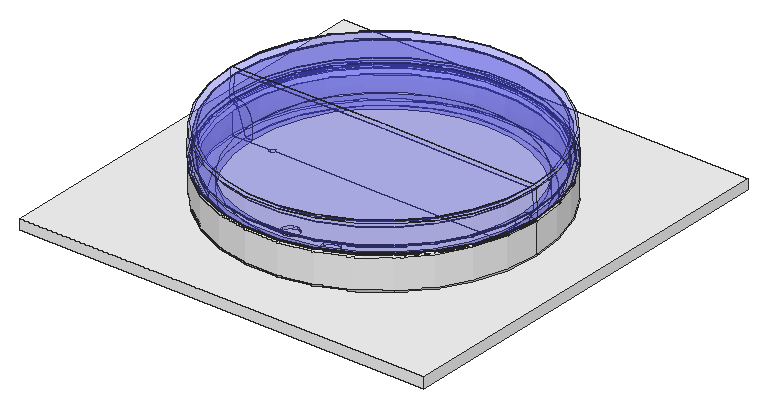
Revit family "BE_50649.1_de_DE", category Leuchten, Revit 2020
Family settings
  Basisbauteil = Fläche
  Bemaßung runder Anschluss = Durchmesser verwenden
  Teiletyp = Normal
  Beim Laden mit Abzugskörper schneiden = Ja
  Lichtquelle = Ja
  Gemeinsam genutzt = Nein
  Raumberechnungspunkt = Ja
Parameters (values of type "BEGA_50649.1_K4")
  built-in parameter 1150104 = 13.889 (stored number, unit not read)
  Wattage = 19.6 W
  Default Elevation = 0 mm
  built-in parameter 1150113 = 1 (stored number, unit not read)
  built-in parameter 1114218 = 1 (stored number, unit not read)
  Umgebungstemperatur = "25 °C"
  URL = "https://www.bega.com/de/produkt/50649.1"
  Typenkommentare = "© 2022 BEGA. Wir behalten uns das Recht vor, technische Änderungen ohne vorherige Ankündigung vorzunehmen."  # constant formula
  Type Image = 50649.1.png
  built-in parameter 1150134 = 12
  built-in parameter 1150109 = 1 (stored number, unit not read)
  Strom = ""
  built-in parameter 1150110 = 1 (stored number, unit not read)
  Spannung = 239.996 V
  Sonderanfertigung = no
  Seriennummer [instance] = "Hier können Sie die eindeutige Seriennummer für das Facility Management eintragen."
  Schutzklasse = "I"
  Schutzart = "IP 64"
  Scheinlast = 0 VA
  Produktdatenblatt = "https://cdn.bega.com/bega/products/50649.1K4/current/documents/data-sheets/de"
  Oberflächentemperatur = ""
  Neigungswinkel = 0.00°
  Modell = "50649.1K4"
  Material_17 = BEGA_Reflektor
  Material_15 = BEGA_Leuchtmedium_matt
  Material_11 = BEGA_Glas_opal
  Material_09 = BEGA_Glas_klar
  Material_06 = BEGA_Oberfläche_Edelstahl_gebürstet
  Material_03 = BEGA_Oberfläche_Weiss_matt
  Material_02 = BEGA_Oberfläche_Silber_matt
  Material_01 [instance] = BEGA_Oberfläche_Grafit_matt
  M_W = no
  M_G = no
  M_A = no
  Logo = 0
  built-in parameter 1114217 = 1 (stored number, unit not read)
  built-in parameter 1150139 = (empty or 0)
  built-in parameter 1150105 = 233.18 (stored number, unit not read)
  built-in parameter 1150114 = 1 (stored number, unit not read)
  Lumens = 2930.2 lm
  built-in parameter 1150115 = 1 (stored number, unit not read)
  Leuchtenlichtstrom = "2019 lm"
  Leuchtenanzahl = ""
  Lebensdauerkriterien = "L70B50 @ 25 °C = 153000 h"
  Lastklassifizierung = Beleuchtung
  built-in parameter 1150112 = 1 (stored number, unit not read)
  Lampenlichtstrom = "3295 lm"
  Lampe = "LED 19.3 W"
  LED_Modulbezeichnung = "LED-0832/940"
  Hersteller = "BEGA"  # constant formula
  Halbstreuwinkel = ""
  Gewicht = "2.6 kg"
  Gebrauchslageneinschränkung [instance] = ""
  Frequenz = "0/50-60 Hz"
  Farbwiedergabeindex = "CRI > 90"
  Farbtemperaturverschiebung bei Dämpfen der Lampe = <Keine Auswahl>
  Farbtemperatur = "4000 K"
  Color Filter = 16777215
  built-in parameter 1150133 = 10 (stored number, unit not read)
  Energieeffizienzklasse = "LED A++ - A"
  built-in parameter 1150137 = (empty or 0)
  built-in parameter 1150132 = (empty or 0)
  ENEC = "ja"
  Dimmbar [instance] = "on/off"
  Datei für fotometrisches Netz = "BE_50649.1K4.IES"
  CE_Konformität = "ja"
  Bestellnummer = "50649.1K4"
  Beschreibung_Sonderanfertigung = "Hier können Sie Informationen zur Sonderanfertigung eintragen."
  Beschreibung = "Decken- und Wandleuchte"
  built-in parameter 1150106 = 2.3318 (stored number, unit not read)
  Befestigungsbohrung = "Ø 5,5 mm"
  Befestigungsabstand = "220 mm"
  Ballwurfsicher = ""
  BEGA_Intern_aus = yes
  BEGA_Intern_an = yes
  BEGA_Intern_Konstruktion = yes
  BEGA_Intern = yes
  BEGA_IES = yes
  BEGA_Dummy = no
  Anschlussleitung = ""
  Anschlussleistung [instance] = "22.5 W"
  Anschlusskasten = ""
  built-in parameter 1150107 = 4000 (stored number, unit not read)
  built-in parameter 1150102 = (empty or 0)
  built-in parameter 1150138 = (empty or 0)
  Aktualisierung = "2022-05-19T04:00:07"
  Abstand_zur_angestrahlten_Fläche [instance] = ""
  AC/DC = "AC/DC"
Types (2, lengths in mm): name | built-in parameter 1150104 | built-in parameter 1150134 | Modell | built-in parameter 1150105 | Lumens | Leuchtenlichtstrom | Lampenlichtstrom | LED_Modulbezeichnung | Farbtemperatur | Datei für fotometrisches Netz | Bestellnummer | built-in parameter 1150106 | built-in parameter 1150107
  BEGA_50649.1_K4 | 13.889 (stored number, unit not read) | 12 | "50649.1K4" | 233.18 (stored number, unit not read) | 2930.2 lm | "2019 lm" | "3295 lm" | "LED-0832/940" | "4000 K" | "BE_50649.1K4.IES" | "50649.1K4" | 2.3318 (stored number, unit not read) | 4000 (stored number, unit not read)
  BEGA_50649.1_K3 | 13.387 (stored number, unit not read) | (empty or 0) | "50649.1K3" | 224.76 (stored number, unit not read) | 2824.36 lm | "1939 lm" | "3165 lm" | "LED-0832/930" | "3000 K" | "BE_50649.1K3.IES" | "50649.1K3" | 2.2476 (stored number, unit not read) | 3000 (stored number, unit not read)
Reference planes
  plane 1 "Mitte (Vorne/Hinten)": y = 0
  plane 2: z = 0
  plane 3 "Mitte (Links/Rechts)": x = 0
  plane 4 "Links": x = -152.499
  plane 5 "Rechts": x = 152.499
  plane 6 "Unten": y = -152.5
  plane 7 "Oben": y = 152.5
  plane 8 "Vorne": z = 66.498
  plane 9 "Hinten": z = 0
Forms (mm)
  Extrusion 1, solid, material "BEGA_Platte_Weiss"
    sketch origin (0, -1119.2, 0) x (1, 0, 0) y (0, 1, 0)
      loop
        line (-200, 1319.2) -> (-200, 919.2) -> (200, 919.2) -> (200, 1319.2) -> (-200, 1319.2)
    from 0 to -10
  Extrusion 2, solid, material "BEGA_Dummy_matt", visible <- "BEGA_Dummy"
    sketch origin (77.149, -76.023, 0) x (1, 0, 0) y (0, 1, 0)
      loop
        circle (-77.149, 76.023) r 152.501
    from 0 to 66.498
Dimensions and locks
  plane 1 "Mitte (Vorne/Hinten)" to Extrusion 1 = 200 mm
  aligned and locked: plane 2 to Extrusion 1
  aligned and locked: level to Extrusion 1
Nested families
  nested 1: "BE_50649.1" at (0, 0, 0) x (-1, 0, 0) z (0, 0, 1), type "BE_50649.1"
Connectors
  electrical at (0, 0, 0), driven by "Lastklassifizierung", driven by "Spannung", driven by "Scheinlast"
    settings: index 1, voltage 239.996 V, apparent load 0 VA, apparent load phase1 0 VA, apparent load phase2 0 VA, apparent load phase3 0 VA, power factor 1, load classification "Beleuchtung", number of poles 1, system type 31, power factor state 1, is connector primary yes, connector utility no, sub classification motor no, connector description ""
Definition of nested family "BE_50649.1"
  Parameters (values of type "BE_50649.1")
    Default Elevation = 1 mm
    URL = "http://www.bega.de/de/produkt"
    Type Comments = "© 2015 BEGA. Wir behalten uns das Recht vor, technische Änderungen ohne vorherige Ankündigung vorzunehmen. "  # constant formula
    Type Image = (empty or 0)
    Neigungswinkel_um_Z2 = 0.00°
    Neigungswinkel_um_Z1 = 0.00°
    Neigungswinkel_um_Y2 = 0.00°
    Neigungswinkel_um_Y1 = 0.00°
    Neigungswinkel_um_X2 = 0.00°
    Neigungswinkel_um_X1 = 0.00°
    Material_17 = none
    Material_15 = none
    Material_11 = none
    Material_09 = none
    Material_06 = none
    Material_05 = none
    Material_03 = none
    Material_02 = none
    Material_01 = none
    M_W = yes
    M_G = yes
    M_A = yes
    Länge_Platte = 400 mm  # constant formula
    Höhe_Platte = -10 mm  # constant formula
    Manufacturer = "BEGA"  # constant formula
    Drehwinkel_um_Z2 = 0.00°
    Drehwinkel_um_Z1 = 0.00°
    Breite_Platte = 400 mm  # constant formula
  Reference planes
    plane 1 "Mitte (Oben/Unten)": y = 0
    plane 2: z = 0
    plane 3 "Mitte (Links/Rechts)": x = 0
    plane 4: x = -152.499
    plane 5: z = 66.498
    plane 6: x = 152.499
    plane 7: y = -152.5
    plane 8: y = 152.5
  Forms (mm)
    Extrusion 1, solid, detail levels medium
      sketch origin (0, 0, 0) x (1, 0, 0) y (0, 1, 0)
        loop
          line (-200, 200) -> (-200, -200) -> (200, -200) -> (200, 200) -> (-200, 200)
      from 0 to -10 <- "Höhe_Platte"
    Revolve 2, solid, material <- "Material_03", detail levels medium+fine
      sketch origin (0, 0, 0) x (1, 0, 0) y (0, 0, 1)
        loop
          arc (-151.35, 3.5) -> (-150.764, 2.086) -> (-149.35, 1.49) r 2
          line (-149.35, 1.49) -> (0, 1.49) -> (0, 3.5) -> (-149.15, 3.5)
          arc (-149.15, 3.5) -> (-149.857, 3.793) -> (-150.15, 4.5) r 1
          line (-150.15, 4.5) -> (-150.15, 33.002) -> (-145.799, 28.651) -> (-144.95, 29.499) -> (-149.043, 33.592)
          arc (-149.043, 33.592) -> (-149.482, 33.886) -> (-150, 33.99) r 1.35
          arc (-150, 33.99) -> (-150.953, 33.596) -> (-151.35, 32.645) r 1.35
          line (-151.35, 32.645) -> (-151.35, 3.5)
        axis (0, 1.49) -> (0, 33.99)
      angle from 0 to 360
    Revolve 3, solid, material <- "Material_03", detail levels medium+fine
      sketch origin (0, 0, 0) x (1, 0, 0) y (0, 0, 1)
        loop
          arc (-119.291, 0.446) -> (-118.533, 0.114) -> (-117.714, 0) r 3
          line (-117.714, 0) -> (-110, 0) -> (-110, 2.209) -> (-122.15, 2.209) -> (-119.291, 0.446)
        axis (-110, 0) -> (-110, 2.209)
      angle from 0 to 360
    Revolve 4, solid, material <- "Material_11", detail levels medium+fine
      sketch origin (0, 0, 0) x (1, 0, 0) y (0, 0, 1)
        loop
          arc (0, 66.498) -> (-74.821, 65.825) -> (-149.633, 64.54) r 9149.238
          arc (-149.633, 64.54) -> (-150.995, 63.965) -> (-151.589, 62.612) r 2
          line (-151.589, 62.612) -> (-152.499, 36.567)
          arc (-152.499, 36.567) -> (-151.938, 35.11) -> (-150.5, 34.5) r 2
          line (-150.5, 34.5) -> (-145, 34.5) -> (-136, 6) -> (-130, 6) -> (-130, 20.512)
          arc (-130, 20.512) -> (-134.491, 32.395) -> (-145.71, 38.354) r 18
          arc (-145.71, 38.354) -> (-147.612, 39.384) -> (-148.327, 41.426) r 3
          line (-148.327, 41.426) -> (-147.754, 57.545)
          arc (-147.754, 57.545) -> (-146.862, 59.577) -> (-144.818, 60.44) r 3
          arc (-144.818, 60.44) -> (-72.413, 61.655) -> (0, 62.297) r 9145.035
          line (0, 62.297) -> (0, 66.498)
        axis (0, 6) -> (0, 66.498)
      angle from 0 to 360
    Extrusion 5, void
      sketch origin (0, 0, 0) x (1, 0, 0) y (0, 1, 0)
        loop
          circle (-110, 0) r 2.75
        loop
          circle (110, 0) r 2.75
        loop
          circle (20, 90) r 8.507
        loop
          circle (-20, 90) r 8.507
      from 0 to 10
    Revolve 6, solid, material <- "Material_03", detail levels medium+fine
      sketch origin (0, 0, 0) x (-1, 0, 0) y (0, 0, -1)
        loop
          line (-119.291, -0.446) -> (-122.15, -2.209) -> (-110, -2.209) -> (-110, 0) -> (-117.714, 0)
          arc (-117.714, 0) -> (-118.533, -0.114) -> (-119.291, -0.446) r 3
        axis (-110, 0) -> (-110, -2.209)
      angle from 0 to 360
  Cuts and joins
    Extrusion 5 cuts Revolve 2
    Extrusion 5 cuts Revolve 3
    Extrusion 5 cuts Revolve 6
    joined: Revolve 2, Revolve 3, Revolve 6
  Dimensions and locks
    equal spacing: Extrusion 1 sketch curve, plane 3 "Mitte (Links/Rechts)", Extrusion 1 sketch curve
    equal spacing: Extrusion 1 sketch curve, plane 1 "Mitte (Oben/Unten)", Extrusion 1 sketch curve
    "Länge_Platte": Extrusion 1 sketch curve to Extrusion 1 sketch curve
    "Breite_Platte": Extrusion 1 sketch curve to Extrusion 1 sketch curve
    aligned and locked: Extrusion 1 to plane 2
    aligned and locked: level to Extrusion 1
  Automatic sketch dimensions
    Revolve 2 sketch curve to Revolve 2 sketch curve = 0 mm  (x9)
    Revolve 2 sketch curve to plane 3 "Mitte (Links/Rechts)" = 0 mm  (x2)
    Revolve 2 sketch curve to Revolve 2 sketch curve = 0.849 mm  (x2)
    Revolve 2 sketch curve to Revolve 2 sketch curve = 4.093 mm
    level to Revolve 2 sketch curve = 3.5 mm
    Revolve 2 sketch curve to Revolve 2 sketch curve = 0.2 mm
    Revolve 2 sketch curve to Revolve 2 sketch curve = 0.957 mm
    Revolve 2 sketch curve to Revolve 2 sketch curve = 0.15 mm  (x2)
    Revolve 2 sketch curve to Revolve 2 sketch curve = 1.2 mm
    level to Revolve 2 sketch curve = 1.49 mm
    Revolve 2 sketch curve to Revolve 2 sketch curve = 24.151 mm
    Revolve 2 sketch curve to Revolve 2 sketch curve = 3.989 mm
    Revolve 2 sketch curve to Revolve 2 sketch curve = 0.005 mm
    Revolve 2 sketch curve to Revolve 2 sketch curve = 0.362 mm
    Revolve 2 sketch curve to Revolve 2 sketch curve = 0.59 mm
    Revolve 2 sketch curve to level = 1.538 mm
    Revolve 2 sketch curve to Revolve 2 sketch curve = 1 mm
    Revolve 2 sketch curve to Revolve 2 sketch curve = 8.697 mm
    level to Revolve 3 sketch curve = 2.209 mm
    level to Revolve 3 sketch curve = 3 mm
    Revolve 3 sketch curve to Revolve 3 sketch curve = 4.435 mm
    Revolve 3 sketch curve to Revolve 3 sketch curve = 7.714 mm
    Revolve 3 sketch curve to level = 0 mm
    level to Revolve 3 sketch curve = 0.446 mm
    Revolve 3 sketch curve to Revolve 3 sketch curve = 1.577 mm
    Revolve 3 sketch curve to Revolve 3 sketch curve = 0.002 mm
    Revolve 3 sketch curve to Revolve 3 sketch curve = 0 mm
    Revolve 3 sketch curve to Revolve 3 sketch curve = 0.649 mm
    Revolve 3 sketch curve to Revolve 3 sketch curve = 0.587 mm
    Extrusion 5 sketch curve to plane 1 "Mitte (Oben/Unten)" = 0 mm  (x2)
    Extrusion 5 sketch curve to plane 3 "Mitte (Links/Rechts)" = 20 mm
    plane 3 "Mitte (Links/Rechts)" to Extrusion 5 sketch curve = 20 mm
    Extrusion 5 sketch curve to Extrusion 5 sketch curve = 0 mm
    Extrusion 5 sketch curve to Extrusion 5 sketch curve = 2.75 mm  (x2)
    level to Revolve 6 sketch curve = 2.209 mm
    level to Revolve 6 sketch curve = 3 mm
    Revolve 6 sketch curve to Revolve 6 sketch curve = 4.435 mm
    Revolve 6 sketch curve to Revolve 6 sketch curve = 7.714 mm
    Revolve 6 sketch curve to level = 0 mm
    level to Revolve 6 sketch curve = 0.446 mm
    Revolve 6 sketch curve to Revolve 6 sketch curve = 1.577 mm
    Revolve 6 sketch curve to Revolve 6 sketch curve = 0.002 mm
    Revolve 6 sketch curve to Revolve 6 sketch curve = 0 mm
    Revolve 6 sketch curve to Revolve 6 sketch curve = 0.587 mm
    Revolve 6 sketch curve to Revolve 6 sketch curve = 0.649 mm
    Revolve 4 sketch curve to plane 3 "Mitte (Links/Rechts)" = 0 mm  (x2)
    Revolve 4 sketch curve to Revolve 4 sketch curve = 0.328 mm
    Revolve 4 sketch curve to Revolve 4 sketch curve = 3 mm
    Revolve 4 sketch curve to Revolve 4 sketch curve = 2.998 mm  (x2)
    Revolve 4 sketch curve to Revolve 4 sketch curve = 4.835 mm
    Revolve 4 sketch curve to Revolve 4 sketch curve = 2.173 mm
    Revolve 4 sketch curve to Revolve 4 sketch curve = 1.999 mm  (x2)
    plane 3 "Mitte (Links/Rechts)" to Revolve 4 sketch curve = 44.83 mm
    Revolve 4 sketch curve to Revolve 4 sketch curve = 0.01 mm  (x2)
    Revolve 4 sketch curve to Revolve 4 sketch curve = 0.071 mm
    Revolve 4 sketch curve to Revolve 4 sketch curve = 5.1 mm
    Revolve 4 sketch curve to Revolve 4 sketch curve = 16.014 mm
    Revolve 4 sketch curve to Revolve 4 sketch curve = 0.097 mm
    Revolve 4 sketch curve to Revolve 4 sketch curve = 4.859 mm
    Revolve 4 sketch curve to Revolve 4 sketch curve = 0.067 mm
    Revolve 4 sketch curve to Revolve 4 sketch curve = 0 mm  (x7)
    Revolve 4 sketch curve to Revolve 4 sketch curve = 13.988 mm
    Revolve 4 sketch curve to Revolve 4 sketch curve = 14 mm
    level to Revolve 4 sketch curve = 6 mm
    Revolve 4 sketch curve to level = 9082.629 mm
    Revolve 4 sketch curve to Revolve 4 sketch curve = 0.002 mm
    Revolve 4 sketch curve to Revolve 4 sketch curve = 0.382 mm
    Revolve 4 sketch curve to Revolve 4 sketch curve = 11.5 mm
    plane 3 "Mitte (Links/Rechts)" to Extrusion 5 sketch curve = 110 mm
    plane 3 "Mitte (Links/Rechts)" to Revolve 6 sketch curve = 122.15 mm
    level to Revolve 2 sketch curve = 29.499 mm
    Revolve 2 sketch curve to plane 3 "Mitte (Links/Rechts)" = 144.95 mm
    Revolve 3 sketch curve to plane 3 "Mitte (Links/Rechts)" = 122.15 mm
    Revolve 4 sketch curve to plane 3 "Mitte (Links/Rechts)" = 130 mm
    Revolve 4 sketch curve to Revolve 4 sketch curve = 6 mm
    Revolve 4 sketch curve to Revolve 4 sketch curve = 14.756 mm
    Revolve 4 sketch curve to Revolve 4 sketch curve = 15 mm
    Extrusion 5 sketch curve to plane 3 "Mitte (Links/Rechts)" = 110 mm
    Revolve 4 sketch curve to Revolve 4 sketch curve = 14.5 mm
    level to Revolve 4 sketch curve = 62.297 mm
    Revolve 4 sketch curve to Revolve 4 sketch curve = 4.201 mm
    Extrusion 5 sketch curve to plane 1 "Mitte (Oben/Unten)" = 90 mm
    radius of Extrusion 5 sketch curve = 8.507 mm  (x2)
